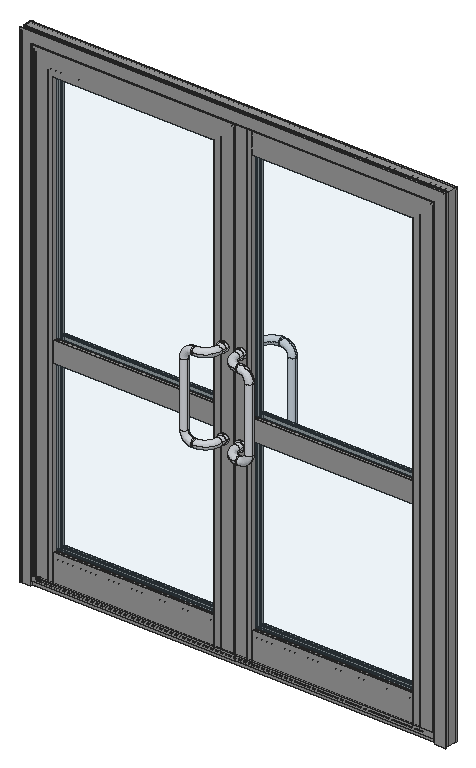
Revit family "Дверь внутреннего открывания двустворчатая с цоколем", category Двери, Revit 2019
Family settings
  Основа = Стена
  Номер OmniClass = 23.30.20.17.11
  Заголовок OmniClass = Fixed Windows
  Всегда вертикально = Да
  При загрузке вырезать с полостями = Нет
  Общий = Нет
  Точка расчета площади = Нет
Parameters (values of type "V60 Дверь двустворчатая")
  Width [instance] = 0.00 mm  # constant formula
  Монтажный зазор.Верх [instance] = 25.00 mm
  VIDNAL_Ширина створки прав. [instance] = 858.50 mm
  VIDNAL_Ширина створки лев. [instance] = ADSK_Ширина рамы - VIDNAL_Ширина створки прав. - 83.00 mm  # 858.50 mm
  VIDNAL_Ширина проема [instance] = ADSK_Ширина рамы + Монтажный зазор.Правый + Монтажный зазор.Левый  # 1850.00 mm
  VIDNAL_Цвет конструкции = ""
  VIDNAL_Фурнитура [instance] = "САТУРН"
  VIDNAL_Формула стеклопакета [instance] = ""
  VIDNAL_Толщина стеклопакета [instance] = "32"
  VIDNAL_Сопротивление ветровой нагрузке = "1000 Па"
  VIDNAL_Система профилей [instance] = "V60"  # constant formula
  VIDNAL_Площадь изделия [instance] = ADSK_Ширина рамы * ADSK_Высота рамы  # 3.78 m²
  VIDNAL_Звукоизоляция [instance] = "34 дБА"
  VIDNAL_Глубина вставки [instance] = 150.00 mm
  VIDNAL_Высота ручки = 1000.00 mm
  VIDNAL_Высота проема [instance] = ADSK_Высота рамы + Монтажный зазор.Верх  # 2125.00 mm
  Глубина профиля [instance] = 60.00 mm  # constant formula
  Rough Width = 0.00 mm  # constant formula
  Rough Height = 0.00 mm  # constant formula
  Описание = "Окно"
  Обозначение = "ГОСТ 23747-2015"
  Наименование = ""
  Монтажный зазор.Правый [instance] = 25.00 mm
  Монтажный зазор.Левый [instance] = 25.00 mm
  Марка проема [instance] = ""
  Model = ""
  Стекло = АС_Стекло
  Рама = Алюминий
  Type Comments = ""
  Assembly Code = ""
  Wall Closure = (empty or 0)
  Height [instance] = 0.00 mm  # constant formula
  Аналитическая конструкция = "<Нет>"
  VIDNAL_Возухопроницаемость [instance] = "3,09 м²·ч"
  VIDNAL_Водонепроницаемость [instance] = "600"
  VIDNAL_Rприв. профиля со стеклопакетом [instance] = "0.52 (м²·С)/Вт"
  ADSK_Ширина рамы [instance] = 1800.00 mm
  ADSK_Позиция [instance] = ""
  ADSK_Завод-изготовитель [instance] = "VIDNAL"  # constant formula
  ADSK_Высота рамы [instance] = 2100.00 mm
Reference planes
  plane 1 "Глубина профиля": y = -100
  plane 2: z = 0
  plane 3 "Слева": x = -922.6
  plane 4 "Справа": x = 927.4
  plane 5 "низ створки": z = 40
  plane 6 "ВЕРХ": z = 2125
  plane 7 "Внутренняя": y = -190
  plane 8 "Вставка двери": y = -40
  plane 9 "рама лев": x = -897.6
  plane 10 "рама прав": x = 902.4
  plane 11 "рама верх": z = 2100
  plane 12: y = 190
  plane 13 "верх створки": z = 2050
  plane 14 "низ порога": z = 4.5
  plane 15 "створка лев": x = -847.6
  plane 16 "створка прав": x = 852.4
  plane 17 "створка прав2": x = -6.1
  plane 18 "створка лев2": x = 10.9
Forms (mm)
  Extrusion 1, void, detail levels medium+fine
    sketch origin (0, 38, 0) x (0, 0, 1) y (-1, 0, 0)
      loop
        line (2125, -927.4) -> (2125, 922.6) -> (0, 922.6) -> (0, -927.4) -> (2125, -927.4)
    from -152 to 228
  Sweep 2, solid, material "Алюминий" <- "Рама"
    path origin (0, -40, 0) x (0, 0, -1) y (-1, 0, 0)
      loop
        line (0, 897.6) -> (-2100, 897.6) -> (-2100, -902.4) -> (0, -902.4)
    profile "Профиль дверной рамы внутр : Профиль дверной рамы внутр" origin (-897.6, -40, 1050) x (1, 0, 0) y (0, 1, 0)
      loop
        line (2, -29.75) -> (2, -38.25) -> (6.75, -38.25) -> (6.75, -50) -> (8.75, -50) -> (8.75, -51.75) -> (6.75, -51.75) -> (6.75, -58.25) -> (43.25, -58.25) -> (43.25, -51.75) -> (41.25, -51.75) -> (41.25, -50) -> (49.75, -50) -> (49.75, -29.75) -> (2, -29.75)
      loop
        line (1.874, -10) -> (1.874, -28) -> (50.126, -28) -> (50.126, -10) -> (1.874, -10)
      loop
        line (6.75, -8.25) -> (43.25, -8.25) -> (43.25, -6.55) -> (45, -6.55) -> (45, -8.25) -> (50.25, -8.25) -> (50.25, -1.75) -> (45, -1.75) -> (45, -3.45) -> (43.25, -3.45) -> (43.25, -1.75) -> (6.75, -1.75) -> (6.75, -8.25)
      loop
        line (67, 0) -> (0, 0) -> (0, -2.5) -> (1.5, -2.5) -> (1.5, -1.5) -> (5, -1.5) -> (5, -8.5) -> (1.5, -8.5) -> (1.5, -7.5) -> (0, -7.5) -> (0, -41.495) -> (2, -41.495) -> (2, -40) -> (5, -40) -> (5, -58.25) -> (2, -58.25) -> (2, -56.495) -> (0, -56.495) -> (0, -60) -> (45, -60) -> (45, -51.75) -> (55, -51.75) -> (55, -50) -> (52, -50) -> (52, -1.75) -> (60, -1.75) -> (60, -4.2) -> (62, -4.2) -> (62, -3.2) -> (61, -3.2) -> (61, -1.2) -> (66, -1.2) -> (66, -3.2) -> (65, -3.2) -> (65, -4.2) -> (67, -4.2) -> (67, 0)
  Sweep 3, solid, material "Алюминий"
    path origin (0, -40, 0) x (0, 0, -1) y (-1, 0, 0)
      loop
        line (-4.5, 845.6) -> (-4.5, -850.4)
    profile "Профиль порога : Профиль порога" origin (2.4, -40, 4.5) x (0, 0, -1) y (0, 1, 0)
      loop
        line (-19.126, -22.61) -> (-16.126, -24.79) -> (-16.126, -26.25) -> (-14.177, -26.25) -> (-13.323, -26.73) -> (-12.385, -28.27) -> (-11.531, -28.75) -> (-9.469, -28.75) -> (-8.615, -28.27) -> (-7.677, -26.73) -> (-6.823, -26.25) -> (-4.874, -26.25) -> (-4.874, -24.79) -> (-1.874, -22.61) -> (-1.874, -16.89) -> (-4.874, -14.71) -> (-4.874, -13.25) -> (-6.823, -13.25) -> (-7.677, -12.77) -> (-8.615, -11.23) -> (-9.469, -10.75) -> (-11.531, -10.75) -> (-12.385, -11.23) -> (-13.323, -12.77) -> (-14.177, -13.25) -> (-16.126, -13.25) -> (-16.126, -14.71) -> (-19.126, -16.89) -> (-19.126, -22.61)
      loop
        line (-19.25, -42.057) -> (-19.25, -52.75) -> (-1.75, -52.75) -> (-1.75, -42.057)
        arc (-1.75, -42.057) -> (-4.892, -42.649) -> (-7.464, -40.75) r 4
        line (-7.464, -40.75) -> (-5.862, -39.825)
        arc (-5.862, -39.825) -> (-1.85, -38.75) -> (-5.862, -37.675) r 2.15
        line (-5.862, -37.675) -> (-7.464, -36.75) -> (-7.464, -35.25) -> (-5.862, -34.325)
        arc (-5.862, -34.325) -> (-1.85, -33.25) -> (-5.862, -32.175) r 2.15
        line (-5.862, -32.175) -> (-7.537, -30.5) -> (-13.463, -30.5) -> (-15.138, -32.175)
        arc (-15.138, -32.175) -> (-19.15, -33.25) -> (-15.138, -34.325) r 2.15
        line (-15.138, -34.325) -> (-13.536, -35.25) -> (-13.536, -36.75) -> (-15.138, -37.675)
        arc (-15.138, -37.675) -> (-19.15, -38.75) -> (-15.138, -39.825) r 2.15
        line (-15.138, -39.825) -> (-13.536, -40.75)
        arc (-13.536, -40.75) -> (-16.108, -42.649) -> (-19.25, -42.057) r 4
      loop
        line (-21, -54.5) -> (0, -54.5) -> (0, -9) -> (-21, -9) -> (-21, -54.5)
  Sweep 4, solid, material "Алюминий"
    path origin (0, -40, 0) x (0, 0, -1) y (-1, 0, 0)
      loop
        line (-40, 6.1) -> (-40, -830.4)
    profile "Профили притвора V60 186 : Профили притвора V60 186" origin (412.15, -40, 40) x (0, 0, -1) y (0, 1, 0)
      loop
        line (0, 0) -> (0, -2.7) -> (-1.5, -2.7) -> (-1.5, -7.2) -> (0, -7.2) -> (0, -14.2) -> (8.5, -14.2) -> (8.5, -12.5) -> (7.2, -13) -> (1.75, -13) -> (1.75, -9.7) -> (7.2, -9.7) -> (8.5, -10.2) -> (8.5, -8.5) -> (1.75, -8.5) -> (1.75, -1.5) -> (8.5, -1.5) -> (8.5, 0) -> (0, 0)
  Sweep 5, solid, material "Алюминий"
    path origin (0, -40, 0) x (0, 0, -1) y (-1, 0, 0)
      loop
        line (-40, 825.6) -> (-40, 11.1)
    profile "Профили притвора V60 186 : Профили притвора V60 186" origin (-418.35, -40, 40) x (0, 0, -1) y (0, 1, 0)
      loop
        line (0, 0) -> (0, -2.7) -> (-1.5, -2.7) -> (-1.5, -7.2) -> (0, -7.2) -> (0, -14.2) -> (8.5, -14.2) -> (8.5, -12.5) -> (7.2, -13) -> (1.75, -13) -> (1.75, -9.7) -> (7.2, -9.7) -> (8.5, -10.2) -> (8.5, -8.5) -> (1.75, -8.5) -> (1.75, -1.5) -> (8.5, -1.5) -> (8.5, 0) -> (0, 0)
  Sweep 6, solid, material "Алюминий"
    path origin (0, -40, 0) x (0, 0, -1) y (-1, 0, 0)
      loop
        line (-40, 847.6) -> (-40, -10.9)
    profile "Профили притвора V60 286 : Профили притвора V60 286" origin (-418.35, -40, 40) x (0, 0, -1) y (0, 1, 0)
      loop
        line (1.75, -30.5) -> (-5, -30.5) -> (-5, -32) -> (0, -32) -> (0, -54.5) -> (-2, -54.5) -> (-2, -56) -> (0, -56) -> (0, -60) -> (20, -60) -> (20, -55) -> (17.7, -55) -> (17.7, -56) -> (18.7, -56) -> (18.7, -58.25) -> (13.7, -58.25) -> (13.7, -56) -> (14.7, -56) -> (14.7, -55) -> (12.5, -55) -> (12.5, -58.25) -> (1.75, -58.25) -> (1.75, -30.5)
  Sweep 7, solid, material "Алюминий"
    path origin (0, -40, 0) x (0, 0, -1) y (-1, 0, 0)
      loop
        line (-40, -15.9) -> (-40, -852.4)
    profile "Профили притвора V60 286 : Профили притвора V60 286" origin (434.15, -40, 40) x (0, 0, -1) y (0, 1, 0)
      loop
        line (1.75, -30.5) -> (-5, -30.5) -> (-5, -32) -> (0, -32) -> (0, -54.5) -> (-2, -54.5) -> (-2, -56) -> (0, -56) -> (0, -60) -> (20, -60) -> (20, -55) -> (17.7, -55) -> (17.7, -56) -> (18.7, -56) -> (18.7, -58.25) -> (13.7, -58.25) -> (13.7, -56) -> (14.7, -56) -> (14.7, -55) -> (12.5, -55) -> (12.5, -58.25) -> (1.75, -58.25) -> (1.75, -30.5)
Lines and regions (mm)
  symbolic lines, detail levels fine
    curve 1: line (-163.1, -40, 40) -> (-163.1, -100, 40)
    curve 4: line (-163.1, -40, 2125) -> (-163.1, -100, 2125)
    curve 6: line (-163.1, -100, 2100) -> (-163.1, -40, 2100)
  symbolic lines
    curve 2: line (-163.1, -40, 80) -> (-163.1, -40, 40)
    curve 3: line (-163.1, -100, 40) -> (-163.1, -100, 80)
    curve 5: line (-163.1, -40, 2100) -> (-163.1, -40, 2125)
    curve 7: line (-163.1, -100, 2125) -> (-163.1, -100, 2100)
  symbolic lines, detail levels coarse
    curve 8: line (927.4, -40, 2125) -> (927.4, -40, 40)
    curve 9: line (927.4, -100, 2125) -> (927.4, -100, 40)
Text (mm)
  text "Наружный" at (-2011.448, 646.123, 0), in view "Линия этажа"
  text "Внутренний" at (-2011.448, -562.523, 0), in view "Линия этажа"
  text "Наружный" at (0, 1108.87, 3415.022), in view "Слева"
  text "Наружный" at (0, 464.664, 3176.206), in view "Справа"
Dimensions and locks
  plane 3 "Слева" to plane 4 "Справа" = 1850.00 mm
  "Монтажный зазор.Правый": plane 10 "рама прав" to plane 4 "Справа"
  plane 2 to plane 5 "низ створки" = 40.00 mm
  "ADSK_Ширина рамы": plane 9 "рама лев" to plane 10 "рама прав"
  "Монтажный зазор.Левый": plane 3 "Слева" to plane 9 "рама лев"
  "Монтажный зазор.Верх": plane 11 "рама верх" to plane 6 "ВЕРХ"
  "VIDNAL_Глубина вставки": plane 8 "Вставка двери" to plane 7 "Внутренняя"
  "Глубина профиля": plane 8 "Вставка двери" to plane 1 "Глубина профиля"
  plane 9 "рама лев" to plane 15 "створка лев" = 50.00 mm
  plane 16 "створка прав" to plane 10 "рама прав" = 50.00 mm
  plane 11 "рама верх" to plane 13 "верх створки" = 50.00 mm
  plane 14 "низ порога" to plane 2 = 4.50 mm
  locked: plane 8 "Вставка двери" to Sweep 3 at 9
  plane 5 "низ створки" to plane 2 = 40.00 mm
  "ADSK_Высота рамы": plane 11 "рама верх" to plane 2
  "VIDNAL_Ширина створки прав.": plane 17 "створка прав2" to plane 16 "створка прав"
  Sweep 5 sketch curve to nested 2 = 40.00 mm
  locked: plane 17 "створка прав2" to plane 18 "створка лев2" at 17
  plane 15 "створка лев" to plane 18 "створка лев2" = 858.50 mm
  aligned and locked: plane 7 "Внутренняя" to host wall
  aligned and locked: plane 8 "Вставка двери" to curve 5
  aligned and locked: level to plane 2
  aligned and locked: host wall to Extrusion 1  (x2)
  aligned and locked: plane 4 "Справа" to Extrusion 1 sketch curve
  aligned and locked: plane 15 "створка лев" to nested 2
  aligned and locked: plane 16 "створка прав" to nested 1
  aligned and locked: plane 17 "створка прав2" to nested 1
  aligned and locked: nested 2 to plane 18 "створка лев2"
  aligned and locked: nested 2 to plane 13 "верх створки"
  aligned and locked: nested 1 to plane 13 "верх створки"
  aligned and locked: nested 2 to plane 5 "низ створки"
  aligned and locked: nested 1 to plane 5 "низ створки"
  aligned and locked: nested 2 to plane 8 "Вставка двери"
  aligned and locked: nested 1 to plane 8 "Вставка двери"
Automatic sketch dimensions
  Extrusion 1 sketch curve to level = 0.00 mm
  plane 3 "Слева" to Extrusion 1 sketch curve = 0.00 mm
  Extrusion 1 sketch curve to plane 6 "ВЕРХ" = 0.00 mm
  curve 5 to plane 8 "Вставка двери" = 0.00 mm
  plane 5 "низ створки" to curve 8 = 0.00 mm
  curve 8 to plane 8 "Вставка двери" = 0.00 mm
  curve 9 to plane 1 "Глубина профиля" = 0.00 mm
  plane 5 "низ створки" to curve 9 = 0.00 mm
  plane 6 "ВЕРХ" to curve 9 = 0.00 mm
  plane 6 "ВЕРХ" to curve 8 = 0.00 mm
  plane 5 "низ створки" to curve 1 = 0.00 mm
  curve 1 to plane 1 "Глубина профиля" = 0.00 mm
  curve 7 to plane 1 "Глубина профиля" = 0.00 mm
  curve 2 to plane 8 "Вставка двери" = 0.00 mm
  curve 7 to plane 11 "рама верх" = 0.00 mm
  plane 6 "ВЕРХ" to curve 4 = 0.00 mm
  Sweep 2 sketch curve to plane 9 "рама лев" = 0.00 mm
  plane 10 "рама прав" to Sweep 2 sketch curve = 0.00 mm
  Sweep 2 sketch curve to plane 11 "рама верх" = 0.00 mm
  Sweep 2 sketch curve to level = 0.00 mm  (x2)
  Sweep 3 sketch curve to plane 14 "низ порога" = 0.00 mm
  plane 16 "створка прав" to Sweep 3 sketch curve = 2.00 mm
  plane 15 "створка лев" to Sweep 3 sketch curve = 2.00 mm
  curve 1 to curve 3 = 40.00 mm
  curve 1 to curve 2 = 40.00 mm
  Sweep 4 sketch curve to plane 5 "низ створки" = 0.00 mm
  Sweep 4 sketch curve to plane 17 "створка прав2" = 0.00 mm
  plane 16 "створка прав" to Sweep 4 sketch curve = 22.00 mm
  Sweep 5 sketch curve to plane 5 "низ створки" = 0.00 mm
  plane 15 "створка лев" to Sweep 5 sketch curve = 22.00 mm
  Sweep 6 sketch curve to plane 5 "низ створки" = 0.00 mm
  Sweep 6 sketch curve to plane 18 "створка лев2" = 0.00 mm
  Sweep 6 sketch curve to plane 15 "створка лев" = 0.00 mm
  Sweep 7 sketch curve to plane 5 "низ створки" = 0.00 mm
  plane 16 "створка прав" to Sweep 7 sketch curve = 0.00 mm
  plane 18 "створка лев2" to Sweep 7 sketch curve = 5.00 mm
Nested families
  nested 1: "Створка дверная внутр ведомая с цоколем" at (-6.1, -40, 40), type "Поворотная право"
    with Створка.Ширина 858.50 mm, Створка.Высота 2010.00 mm, Высота импоста 880.00 mm, VIDNAL_Высота ручки 980.00 mm
  nested 2: "Створка дверная внутр с цоколем" at (-847.6, -40, 40), type "Поворотная лево"
    with Створка.Ширина 858.50 mm, Створка.Высота 2010.00 mm, Высота импоста 880.00 mm, VIDNAL_Высота ручки 980.00 mm
Definition of nested family "Створка дверная внутр ведомая с цоколем"
  Parameters (values of type "Поворотная лево")
    отк лев = yes
    от пр = no
    Стекло = none
    Створка.Ширина [instance] = 800.00 mm
    Створка.Высота [instance] = 1800.00 mm
    Створка VIDNAL = none
    Ручка.Справа = yes
    Ручка.Слева = no
    Открытие = yes
    Габариты заполнения = 73.00 mm
    Высота импоста [instance] = 900.00 mm
    Analytic Construction = "<Нет>"
    VIDNAL_Высота ручки [instance] = 1000.00 mm
  Types (2, lengths in mm): name | отк лев | от пр | Створка.Ширина | Створка.Высота | Ручка.Справа | Ручка.Слева | Габариты заполнения | Высота импоста | VIDNAL_Высота ручки
    Поворотная право | no | yes | 600.00 | 900.00 | no | yes | 54.00 | 450.00 | 900.00
    Поворотная лево | yes | no | 800.00 | 1800.00 | yes | no | 73.00 | 900.00 | 1000.00
  Reference planes
    plane 1 "Center (Front/Back)": y = 0
    plane 2 "Bottom": z = 0
    plane 3 "Left": x = 0
    plane 4 "Right": x = 800
    plane 5 "Top": z = 1800
    plane 6: z = 900
    plane 7: x = 73
    plane 8: x = 727
    plane 9: y = -8
    plane 10: y = -40
    plane 11: z = 1727
    plane 12: z = 104
    plane 13 "ручка прав": x = 754
    plane 14 "ручка лев": x = 46
    plane 15: z = 1000
    plane 16: x = 89
    plane 17: x = 711
  Forms (mm)
    Extrusion 1, solid, material <- "Стекло"
      sketch origin (0, 0, -100) x (1, 0, 0) y (0, 0, 1)
        loop
          line (73, 204) -> (727, 204) -> (727, 1827) -> (73, 1827) -> (73, 204)
      from 40 to 8
    Sweep 2, solid, material <- "Створка VIDNAL"
      path origin (0, 0, 0) x (1, 0, 0) y (0, 0, 1)
        loop
          line (89, 1800) -> (800, 1800) -> (800, 0)
      profile "Профиль дверной створки внутр : Профиль дверной створки внутр" origin (444.5, 0, 1800) x (0, 0, 1) y (0, -1, 0)
        loop
          line (-87.61, 48.594) -> (-82.008, 48.594) -> (-72.003, 42.791) -> (-62, 42.791) -> (-62, 54.797) -> (-68.701, 54.797) -> (-68.701, 58.599) -> (-87.61, 58.599) -> (-87.61, 48.594)
        loop
          line (-65, 29.75) -> (-17.25, 29.75) -> (-17.25, 50) -> (-18.75, 50) -> (-18.75, 51.75) -> (-16.75, 51.75) -> (-16.75, 58.25) -> (-60.25, 58.25) -> (-60.25, 51.75) -> (-58.25, 51.75) -> (-58.25, 50) -> (-60.25, 50) -> (-60.25, 38.25) -> (-65, 38.25) -> (-65, 29.75)
        loop
          line (-16.874, 10) -> (-16.874, 28) -> (-65.126, 28) -> (-65.126, 10) -> (-16.874, 10)
        loop
          line (-60.25, 1.75) -> (-23.75, 1.75) -> (-23.75, 8.25) -> (-60.25, 8.25) -> (-60.25, 1.75)
        loop
          line (-22, 0) -> (-22, 8.25) -> (-12, 8.25) -> (-12, 10) -> (-15, 10) -> (-15, 58.25) -> (-7, 58.25) -> (-7, 55.8) -> (-5, 55.8) -> (-5, 56.8) -> (-6, 56.8) -> (-6, 58.8) -> (-1, 58.8) -> (-1, 56.8) -> (-2, 56.8) -> (-2, 55.8) -> (0, 55.8) -> (0, 60) -> (-89.011, 60) -> (-89.011, 44.192) -> (-87.01, 44.192) -> (-87.01, 45.192) -> (-88.011, 45.192) -> (-88.011, 47.193) -> (-83.008, 47.193) -> (-83.008, 45.192) -> (-84.009, 45.192) -> (-84.009, 44.192) -> (-82.008, 44.192) -> (-82.008, 47.206) -> (-72.326, 41.591) -> (-67, 41.591) -> (-67, 8.25) -> (-62, 8.25) -> (-62, 1.5) -> (-82, 1.5) -> (-82, 3.2) -> (-80.5, 3.2) -> (-80.5, 4.2) -> (-84, 4.2) -> (-84, 3.2) -> (-83, 3.2) -> (-83, 1.2) -> (-88, 1.2) -> (-88, 3.2) -> (-87, 3.2) -> (-87, 4.2) -> (-89, 4.2) -> (-89, 0) -> (-22, 0)
    Sweep 3, solid, material <- "Створка VIDNAL"
      path origin (0, 0, 0) x (1, 0, 0) y (0, 0, 1)
        loop
          line (90, 900) -> (710, 900)
      profile "Профиль дверного импоста : Профиль дверного импоста" origin (400, 0, 900) x (0, 0, 1) y (0, -1, 0)
        loop
          line (15.25, 8) -> (-15.25, 8) -> (-15.25, 1.5) -> (15.25, 1.5) -> (15.25, 8)
        loop
          line (20.076, 28) -> (-20.076, 28) -> (-20.076, 10) -> (20.076, 10) -> (20.076, 28)
        loop
          line (15.4, 38.4) -> (15.4, 58.1) -> (-15.4, 58.1) -> (-15.4, 38.4) -> (-20.5, 38.4) -> (-20.5, 29.7) -> (20.5, 29.7) -> (20.5, 38.4) -> (15.4, 38.4)
        loop
          line (-23.69, 58.599) -> (-42.599, 58.599) -> (-42.599, 48.594) -> (-36.996, 48.594) -> (-26.991, 42.791) -> (-16.989, 42.791) -> (-16.989, 54.797) -> (-23.69, 54.797) -> (-23.69, 58.599)
        loop
          line (42.599, 58.599) -> (23.69, 58.599) -> (23.69, 54.797) -> (16.989, 54.797) -> (16.989, 42.791) -> (26.991, 42.791) -> (36.996, 48.594) -> (42.599, 48.594) -> (42.599, 58.599)
        loop
          line (44, 0) -> (44, 4.2) -> (42, 4.2) -> (42, 3.2) -> (43, 3.2) -> (43, 1.2) -> (38, 1.2) -> (38, 3.2) -> (39, 3.2) -> (39, 4.2) -> (35.5, 4.2) -> (35.5, 3.2) -> (37, 3.2) -> (37, 1.5) -> (17, 1.5) -> (17, 8.3) -> (22, 8.3) -> (22, 41.591) -> (27.314, 41.591) -> (36.996, 47.206) -> (36.996, 44.192) -> (38.997, 44.192) -> (38.997, 45.192) -> (37.997, 45.192) -> (37.997, 47.193) -> (42.999, 47.193) -> (42.999, 45.192) -> (41.999, 45.192) -> (41.999, 44.192) -> (44, 44.192) -> (44, 60) -> (-44, 60) -> (-44, 44.192) -> (-41.999, 44.192) -> (-41.999, 45.192) -> (-42.999, 45.192) -> (-42.999, 47.193) -> (-37.997, 47.193) -> (-37.997, 45.192) -> (-38.997, 45.192) -> (-38.997, 44.192) -> (-36.996, 44.192) -> (-36.996, 47.206) -> (-27.314, 41.591) -> (-22, 41.591) -> (-22, 8.3) -> (-17, 8.3) -> (-17, 1.5) -> (-37, 1.5) -> (-37, 3.2) -> (-35.5, 3.2) -> (-35.5, 4.2) -> (-39, 4.2) -> (-39, 3.2) -> (-38, 3.2) -> (-38, 1.2) -> (-43, 1.2) -> (-43, 3.2) -> (-42, 3.2) -> (-42, 4.2) -> (-44, 4.2) -> (-44, 0) -> (44, 0)
    Sweep 4, solid, material <- "Створка VIDNAL"
      path origin (0, 0, 0) x (1, 0, 0) y (0, 0, 1)
        loop
          line (89.011, 0) -> (711, 0)
      profile "Профиль цоколя + проставки : Профиль цоколя + проставки" origin (400.006, 0, 0) x (0, 0, 1) y (0, -1, 0)
        loop
          line (87.676, 10) -> (96.126, 16.14) -> (96.126, 21.86) -> (87.676, 28) -> (15.324, 28) -> (6.874, 21.86) -> (6.874, 16.14) -> (15.324, 10) -> (87.676, 10)
        loop
          line (91.25, 1.75) -> (91.25, 8.25) -> (50, 8.25) -> (50, 1.75) -> (91.25, 1.75)
        loop
          line (6.75, 1.75) -> (48, 1.75) -> (48, 8.25) -> (6.75, 8.25) -> (6.75, 1.75)
        loop
          line (96, 29.75) -> (96, 38.25) -> (91.25, 38.25) -> (91.25, 58.25) -> (6.75, 58.25) -> (6.75, 29.75) -> (96, 29.75)
        loop
          line (118.599, 58.599) -> (99.69, 58.599) -> (99.69, 54.797) -> (92.989, 54.797) -> (92.989, 42.791) -> (102.991, 42.791) -> (112.996, 48.594) -> (118.599, 48.594) -> (118.599, 58.599)
        loop
          line (119, 3.2) -> (119, 1.2) -> (114, 1.2) -> (114, 3.2) -> (115, 3.2) -> (115, 4.2) -> (111.5, 4.2) -> (111.5, 3.2) -> (113, 3.2) -> (113, 1.5) -> (93, 1.5) -> (93, 8.25) -> (98, 8.25) -> (98, 41.591) -> (103.314, 41.591) -> (112.996, 47.206) -> (112.996, 44.192) -> (114.997, 44.192) -> (114.997, 45.192) -> (113.997, 45.192) -> (113.997, 47.193) -> (118.999, 47.193) -> (118.999, 45.192) -> (117.999, 45.192) -> (117.999, 44.192) -> (120, 44.192) -> (120, 60) -> (0, 60) -> (0, 54.5) -> (2, 54.5) -> (2, 58.25) -> (5, 58.25) -> (5, 40) -> (2, 40) -> (2, 41.495) -> (0, 41.495) -> (0, 38.25) -> (5, 38.25) -> (5, 32) -> (0, 32) -> (0, 30.5) -> (5, 30.5) -> (5, 10) -> (1.5, 10) -> (1.5, 11.2) -> (0, 11.2) -> (0, 8.5) -> (5, 8.5) -> (5, 1.5) -> (0, 1.5) -> (0, 0) -> (120, 0) -> (120, 4.2) -> (118, 4.2) -> (118, 3.2) -> (119, 3.2)
    Sweep 5, solid, material <- "Створка VIDNAL"
      path origin (0, 0, 0) x (1, 0, 0) y (0, 0, 1)
        loop
          line (0, 0) -> (0, 1800)
      profile "Профиль дверной створки наруж : Профиль дверной створки наруж" origin (0, 0, 900) x (-1, 0, 0) y (0, -1, 0)
        loop
          line (-62, 43.002) -> (-62, 54.797) -> (-68.701, 54.797) -> (-68.701, 58.599) -> (-87.61, 58.599) -> (-87.61, 48.594) -> (-82, 48.594) -> (-71.911, 43.002) -> (-62, 43.002)
        loop
          line (-16.874, 29.7) -> (-16.874, 50.15) -> (-25.15, 50.15) -> (-25.15, 51.75) -> (-23.5, 51.75) -> (-23.5, 58.5) -> (-60.5, 58.5) -> (-60.5, 51.75) -> (-58.85, 51.75) -> (-58.85, 50.15) -> (-60.25, 50.15) -> (-60.25, 38.4) -> (-65.5, 38.4) -> (-65.5, 29.7) -> (-16.874, 29.7)
        loop
          line (-16.874, 10) -> (-16.874, 28) -> (-65.126, 28) -> (-65.126, 10) -> (-16.874, 10)
        loop
          line (-23.75, 1.5) -> (-23.75, 8.3) -> (-60.25, 8.3) -> (-60.25, 1.5) -> (-23.75, 1.5)
        loop
          line (-2, 4.2) -> (-2, 3.2) -> (-1, 3.2) -> (-1, 1.2) -> (-6, 1.2) -> (-6, 3.2) -> (-5, 3.2) -> (-5, 4.2) -> (-7, 4.2) -> (-7, 1.5) -> (-22, 1.5) -> (-22, 8.3) -> (-15, 8.3) -> (-15, 50) -> (-12, 50) -> (-12, 51.75) -> (-22, 51.75) -> (-22, 60) -> (-89, 60) -> (-89, 44.192) -> (-87, 44.192) -> (-87, 45.192) -> (-88, 45.192) -> (-88, 47.193) -> (-83, 47.193) -> (-83, 45.192) -> (-84, 45.192) -> (-84, 44.192) -> (-82, 44.192) -> (-82, 47.202) -> (-72.326, 41.591) -> (-67, 41.591) -> (-67, 8.3) -> (-62, 8.3) -> (-62, 1.5) -> (-82, 1.5) -> (-82, 3.2) -> (-80.5, 3.2) -> (-80.5, 4.2) -> (-84, 4.2) -> (-84, 3.2) -> (-83, 3.2) -> (-83, 1.2) -> (-88, 1.2) -> (-88, 3.2) -> (-87, 3.2) -> (-87, 4.2) -> (-89, 4.2) -> (-89, 0) -> (0, 0) -> (0, 4.2) -> (-2, 4.2)
  Cuts and joins
    joined: Sweep 2, Sweep 5
  Lines and regions (mm)
    symbolic lines, not visible
      curve 1: line (400, 0, 950) -> (400, 0, 850)
      curve 2: line (350, 0, 900) -> (450, 0, 900)
    symbolic lines, visible <- "от пр"
      curve 3: line (710, -75, 1710) -> (90, -75, 900)
      curve 4: line (90, -75, 900) -> (710, -75, 121)
    symbolic lines, visible <- "отк лев"
      curve 5: line (90, -75, 121) -> (710, -75, 900)
      curve 6: line (710, -75, 900) -> (90, -75, 1710)
  Dimensions and locks
    "Створка.Ширина": plane 4 "Right" to plane 3 "Left"
    "Створка.Высота": plane 5 "Top" to plane 2 "Bottom"
    equal spacing: plane 3 "Left", curve 1, plane 4 "Right"
    equal spacing: plane 5 "Top", curve 2, plane 2 "Bottom"
    plane 4 "Right" to plane 3 "Left" = 800.00 mm
    locked: plane 9 to plane 1 "Center (Front/Back)" at 8
    "Габариты заполнения": plane 3 "Left" to plane 7
    "Габариты заполнения": plane 8 to plane 4 "Right"
    "Габариты заполнения": plane 5 "Top" to plane 11
    plane 14 "ручка лев" to plane 3 "Left" = 46.00 mm
    plane 13 "ручка прав" to plane 4 "Right" = 46.00 mm
    "Высота импоста": plane 6 to plane 2 "Bottom"
    locked: plane 3 "Left" to plane 14 "ручка лев" at 46
    "VIDNAL_Высота ручки": plane 15 to plane 2 "Bottom"
    plane 3 "Left" to plane 16 = 89.00 mm
    plane 17 to plane 4 "Right" = 89.00 mm
    locked: plane 13 "ручка прав" to plane 4 "Right" at 46
    aligned and locked: level to plane 2 "Bottom"
    aligned and locked: plane 6 to curve 4
    aligned and locked: plane 6 to curve 6
    aligned and locked: Extrusion 1 to plane 7
    aligned and locked: Extrusion 1 to plane 9
    aligned and locked: Extrusion 1 to plane 10
    aligned and locked: plane 8 to Extrusion 1
    aligned and locked: Extrusion 1 to plane 12
    aligned and locked: plane 11 to Extrusion 1
    aligned and locked: nested 1 to plane 14 "ручка лев"
    aligned and locked: nested 1 to plane 15
    aligned and locked: plane 15 to nested 2
    aligned and locked: plane 13 "ручка прав" to nested 2
    aligned and locked: plane 14 "ручка лев" to nested 3
    aligned and locked: nested 4 to plane 13 "ручка прав"
    aligned and locked: plane 15 to nested 3
    aligned and locked: nested 4 to plane 15
  Automatic sketch dimensions
    plane 7 to Extrusion 1 sketch curve = 0.00 mm
    Extrusion 1 sketch curve to plane 8 = 0.00 mm
    Extrusion 1 sketch curve to plane 12 = 0.00 mm
    Extrusion 1 sketch curve to plane 11 = 0.00 mm
    plane 7 to curve 6 = 17.00 mm
    plane 7 to curve 5 = 17.00 mm
    plane 7 to curve 4 = 17.00 mm
    curve 5 to plane 8 = 17.00 mm
    curve 3 to plane 8 = 17.00 mm
    plane 12 to curve 5 = 17.00 mm
    plane 12 to curve 4 = 17.00 mm
    curve 3 to plane 11 = 17.00 mm
    curve 4 to plane 8 = 17.00 mm
    curve 6 to plane 11 = 17.00 mm
    curve 1 to plane 6 = 50.00 mm
    plane 6 to curve 1 = 50.00 mm
    curve 2 to plane 6 = 0.00 mm
    curve 2 to curve 1 = 50.00 mm
    curve 1 to curve 2 = 50.00 mm
    Sweep 3 sketch curve to plane 6 = 0.00 mm
    plane 16 to Sweep 3 sketch curve = 1.00 mm
    Sweep 3 sketch curve to plane 17 = 1.00 mm
    Sweep 4 sketch curve to level = 0.00 mm
    Sweep 4 sketch curve to plane 17 = 0.00 mm
    plane 16 to Sweep 4 sketch curve = 0.011 mm
    Sweep 5 sketch curve to plane 3 "Left" = 0.00 mm
    Sweep 5 sketch curve to level = 0.00 mm
    Sweep 5 sketch curve to plane 5 "Top" = 0.00 mm
    Sweep 2 sketch curve to plane 5 "Top" = 0.00 mm
    Sweep 2 sketch curve to plane 16 = 0.00 mm
    plane 4 "Right" to Sweep 2 sketch curve = 0.00 mm
    Sweep 2 sketch curve to level = 0.00 mm
  Nested families
    nested 1: "Ручка дверная прямоугольная" at (46, -70, 889.834), visible <- "Ручка.Слева", type "Ручка дверная прямоугольная"
      with Ручка высота установки 110.166 mm
    nested 2: "Ручка дверная прямоугольная" at (754, -70, 889.834) x (-1, 0, 0) z (0, 0, 1), visible <- "Ручка.Справа", type "Ручка дверная прямоугольная"
      with Ручка высота установки 110.166 mm
    nested 3: "Ручка дверная прямоугольная" at (46, 10, 889.834), visible <- "Ручка.Слева", type "Ручка дверная прямоугольная"
      with Ручка высота установки 110.166 mm
    nested 4: "Ручка дверная прямоугольная" at (754, 10, 889.834) x (-1, 0, 0) z (0, 0, 1), visible <- "Ручка.Справа", type "Ручка дверная прямоугольная"
      with Ручка высота установки 110.166 mm
  Definition of nested family "Ручка дверная прямоугольная"
    Parameters (values of type "Ручка дверная прямоугольная")
      Ручка высота установки [instance] = 110.166 mm
    Reference planes
      plane 1 "По центру (Вперед/Назад)": y = 0
      plane 2: z = 0
      plane 3 "По центру (Влево/Вправо)": x = 0
      plane 4: y = -10
      plane 5 "1": x = 55
      plane 6 "2": y = 74
      plane 7 "Высота ручки": z = 110.166
    Forms (mm)
      Extrusion 1, solid
        sketch origin (0, 0, 0) x (1, 0, 0) y (0, 0, 1)
          loop
            circle (0, 285.166) r 20
        from 0 to 10
      Extrusion 2, solid
        sketch origin (0, 0, 0) x (1, 0, 0) y (0, 0, 1)
          loop
            circle (0, -64.834) r 20
        from 0 to 10
      Sweep 3, solid
        path origin (0, 0, 0) x (1, 0, 0) y (0, 1, 0)
          loop
            line (0, 0) -> (0, 20)
            arc (0, 20) -> (15.816, 58.184) -> (54, 74) r 54
            line (54, 74) -> (55, 74)
        profile origin (0, 10, 0) x (-1, 0, 0) y (0, 0, 1)
          loop
            circle (0, 285.166) r 15
          loop
            circle (0, -64.834) r 15
      Sweep 4, solid
        path origin (0, 74, 0) x (-1, 0, 0) y (0, 0, 1)
          loop
            line (-55, 285.166) -> (-60, 285.166)
            arc (-60, 285.166) -> (-88.284, 273.45) -> (-100, 245.166) r 40
            line (-100, 245.166) -> (-100, -24.834)
            arc (-100, -24.834) -> (-88.284, -53.118) -> (-60, -64.834) r 40
            line (-60, -64.834) -> (-55, -64.834)
        profile origin (57.5, 74, 285.166) x (0, 0, -1) y (0, 1, 0)
          loop
            circle (0, 0) r 15
    Dimensions and locks
      plane 1 "По центру (Вперед/Назад)" to plane 4 = 10.00 mm
      locked: plane 4 to plane 6 "2" at 84
      locked: plane 3 "По центру (Влево/Вправо)" to plane 5 "1" at 55
      locked: Extrusion 1 sketch curve to plane 7 "Высота ручки" at 175
      locked: plane 7 "Высота ручки" to Extrusion 2 sketch curve at 175
      locked: Sweep 3 sketch curve to plane 7 "Высота ручки" at 175
      locked: plane 7 "Высота ручки" to Sweep 3 sketch curve at 175
      "Ручка высота установки": plane 7 "Высота ручки" to level
      locked: Sweep 4 sketch curve to Sweep 4 sketch curve at 350
      locked: Sweep 4 sketch curve to Sweep 4 sketch curve at 45  (x2)
      Sweep 4 sketch curve to plane 7 "Высота ручки" = 175.00 mm
      locked: Sweep 4 sketch curve to plane 3 "По центру (Влево/Вправо)" at 100
      aligned and locked: level to plane 2
      aligned and locked: plane 4 to Extrusion 1
      aligned and locked: plane 4 to Extrusion 2
    Automatic sketch dimensions
      Extrusion 1 sketch curve to plane 3 "По центру (Влево/Вправо)" = 0.00 mm
      Extrusion 2 sketch curve to plane 3 "По центру (Влево/Вправо)" = 0.00 mm
      Sweep 3 sketch curve to plane 3 "По центру (Влево/Вправо)" = 0.00 mm
      Sweep 3 sketch curve to plane 6 "2" = 0.00 mm
      Sweep 3 sketch curve to plane 5 "1" = 0.00 mm
      plane 1 "По центру (Вперед/Назад)" to Sweep 3 sketch curve = 0.00 mm
      Sweep 3 sketch curve to plane 5 "1" = 1.00 mm
      Sweep 3 sketch curve to profile plane = 0.00 mm  (x2)
      Sweep 4 sketch curve to plane 6 "2" = 0.00 mm
      Sweep 4 sketch curve to profile plane = 0.00 mm
      plane 5 "1" to Sweep 4 sketch curve = 5.00 mm  (x2)
      radius of Extrusion 1 sketch curve = 20.00 mm
      radius of Extrusion 2 sketch curve = 20.00 mm
      radius of Sweep 3 sketch curve = 15.00 mm  (x2)
      radius of Sweep 4 sketch curve = 15.00 mm
Definition of nested family "Створка дверная внутр с цоколем"
  Parameters (values of type "Поворотная лево")
    отк лев = yes
    от пр = no
    Стекло = none
    Створка.Ширина [instance] = 800.00 mm
    Створка.Высота [instance] = 1800.00 mm
    Створка VIDNAL = none
    Ручка.Справа = yes
    Ручка.Слева = no
    Открытие = yes
    Габариты заполнения = 73.00 mm
    Высота импоста [instance] = 900.00 mm
    Analytic Construction = "<Нет>"
    VIDNAL_Высота ручки [instance] = 1000.00 mm
  Types (2, lengths in mm): name | отк лев | от пр | Створка.Ширина | Створка.Высота | Ручка.Справа | Ручка.Слева | Габариты заполнения | Высота импоста | VIDNAL_Высота ручки
    Поворотная право | no | yes | 600.00 | 900.00 | no | yes | 54.00 | 450.00 | 900.00
    Поворотная лево | yes | no | 800.00 | 1800.00 | yes | no | 73.00 | 900.00 | 1000.00
  Reference planes
    plane 1 "Center (Front/Back)": y = 0
    plane 2 "Bottom": z = 0
    plane 3 "Left": x = 0
    plane 4 "Right": x = 800
    plane 5 "Top": z = 1800
    plane 6: z = 900
    plane 7: x = 73
    plane 8: x = 727
    plane 9: y = -8
    plane 10: y = -40
    plane 11: z = 1727
    plane 12: z = 104
    plane 13 "ручка прав": x = 754
    plane 14 "ручка лев": x = 46
    plane 15: z = 1000
    plane 16: x = 89
    plane 17: x = 711
  Forms (mm)
    Extrusion 1, solid, material <- "Стекло"
      sketch origin (0, 0, -100) x (1, 0, 0) y (0, 0, 1)
        loop
          line (73, 204) -> (727, 204) -> (727, 1827) -> (73, 1827) -> (73, 204)
      from 40 to 8
    Sweep 2, solid, material <- "Створка VIDNAL"
      path origin (0, 0, 0) x (1, 0, 0) y (0, 0, 1)
        loop
          line (0, 0) -> (0, 1800) -> (800, 1800) -> (800, 0)
      profile "Профиль дверной створки внутр : Профиль дверной створки внутр" origin (400, 0, 1800) x (0, 0, 1) y (0, -1, 0)
        loop
          line (-87.61, 48.594) -> (-82.008, 48.594) -> (-72.003, 42.791) -> (-62, 42.791) -> (-62, 54.797) -> (-68.701, 54.797) -> (-68.701, 58.599) -> (-87.61, 58.599) -> (-87.61, 48.594)
        loop
          line (-65, 29.75) -> (-17.25, 29.75) -> (-17.25, 50) -> (-18.75, 50) -> (-18.75, 51.75) -> (-16.75, 51.75) -> (-16.75, 58.25) -> (-60.25, 58.25) -> (-60.25, 51.75) -> (-58.25, 51.75) -> (-58.25, 50) -> (-60.25, 50) -> (-60.25, 38.25) -> (-65, 38.25) -> (-65, 29.75)
        loop
          line (-16.874, 10) -> (-16.874, 28) -> (-65.126, 28) -> (-65.126, 10) -> (-16.874, 10)
        loop
          line (-60.25, 1.75) -> (-23.75, 1.75) -> (-23.75, 8.25) -> (-60.25, 8.25) -> (-60.25, 1.75)
        loop
          line (-22, 0) -> (-22, 8.25) -> (-12, 8.25) -> (-12, 10) -> (-15, 10) -> (-15, 58.25) -> (-7, 58.25) -> (-7, 55.8) -> (-5, 55.8) -> (-5, 56.8) -> (-6, 56.8) -> (-6, 58.8) -> (-1, 58.8) -> (-1, 56.8) -> (-2, 56.8) -> (-2, 55.8) -> (0, 55.8) -> (0, 60) -> (-89.011, 60) -> (-89.011, 44.192) -> (-87.01, 44.192) -> (-87.01, 45.192) -> (-88.011, 45.192) -> (-88.011, 47.193) -> (-83.008, 47.193) -> (-83.008, 45.192) -> (-84.009, 45.192) -> (-84.009, 44.192) -> (-82.008, 44.192) -> (-82.008, 47.206) -> (-72.326, 41.591) -> (-67, 41.591) -> (-67, 8.25) -> (-62, 8.25) -> (-62, 1.5) -> (-82, 1.5) -> (-82, 3.2) -> (-80.5, 3.2) -> (-80.5, 4.2) -> (-84, 4.2) -> (-84, 3.2) -> (-83, 3.2) -> (-83, 1.2) -> (-88, 1.2) -> (-88, 3.2) -> (-87, 3.2) -> (-87, 4.2) -> (-89, 4.2) -> (-89, 0) -> (-22, 0)
    Sweep 3, solid, material <- "Створка VIDNAL"
      path origin (0, 0, 0) x (1, 0, 0) y (0, 0, 1)
        loop
          line (90, 900) -> (710, 900)
      profile "Профиль дверного импоста : Профиль дверного импоста" origin (400, 0, 900) x (0, 0, 1) y (0, -1, 0)
        loop
          line (15.25, 8) -> (-15.25, 8) -> (-15.25, 1.5) -> (15.25, 1.5) -> (15.25, 8)
        loop
          line (20.076, 28) -> (-20.076, 28) -> (-20.076, 10) -> (20.076, 10) -> (20.076, 28)
        loop
          line (15.4, 38.4) -> (15.4, 58.1) -> (-15.4, 58.1) -> (-15.4, 38.4) -> (-20.5, 38.4) -> (-20.5, 29.7) -> (20.5, 29.7) -> (20.5, 38.4) -> (15.4, 38.4)
        loop
          line (-23.69, 58.599) -> (-42.599, 58.599) -> (-42.599, 48.594) -> (-36.996, 48.594) -> (-26.991, 42.791) -> (-16.989, 42.791) -> (-16.989, 54.797) -> (-23.69, 54.797) -> (-23.69, 58.599)
        loop
          line (42.599, 58.599) -> (23.69, 58.599) -> (23.69, 54.797) -> (16.989, 54.797) -> (16.989, 42.791) -> (26.991, 42.791) -> (36.996, 48.594) -> (42.599, 48.594) -> (42.599, 58.599)
        loop
          line (44, 0) -> (44, 4.2) -> (42, 4.2) -> (42, 3.2) -> (43, 3.2) -> (43, 1.2) -> (38, 1.2) -> (38, 3.2) -> (39, 3.2) -> (39, 4.2) -> (35.5, 4.2) -> (35.5, 3.2) -> (37, 3.2) -> (37, 1.5) -> (17, 1.5) -> (17, 8.3) -> (22, 8.3) -> (22, 41.591) -> (27.314, 41.591) -> (36.996, 47.206) -> (36.996, 44.192) -> (38.997, 44.192) -> (38.997, 45.192) -> (37.997, 45.192) -> (37.997, 47.193) -> (42.999, 47.193) -> (42.999, 45.192) -> (41.999, 45.192) -> (41.999, 44.192) -> (44, 44.192) -> (44, 60) -> (-44, 60) -> (-44, 44.192) -> (-41.999, 44.192) -> (-41.999, 45.192) -> (-42.999, 45.192) -> (-42.999, 47.193) -> (-37.997, 47.193) -> (-37.997, 45.192) -> (-38.997, 45.192) -> (-38.997, 44.192) -> (-36.996, 44.192) -> (-36.996, 47.206) -> (-27.314, 41.591) -> (-22, 41.591) -> (-22, 8.3) -> (-17, 8.3) -> (-17, 1.5) -> (-37, 1.5) -> (-37, 3.2) -> (-35.5, 3.2) -> (-35.5, 4.2) -> (-39, 4.2) -> (-39, 3.2) -> (-38, 3.2) -> (-38, 1.2) -> (-43, 1.2) -> (-43, 3.2) -> (-42, 3.2) -> (-42, 4.2) -> (-44, 4.2) -> (-44, 0) -> (44, 0)
    Sweep 4, solid, material <- "Створка VIDNAL"
      path origin (0, 0, 0) x (1, 0, 0) y (0, 0, 1)
        loop
          line (89.011, 0) -> (711, 0)
      profile "Профиль цоколя + проставки : Профиль цоколя + проставки" origin (400.006, 0, 0) x (0, 0, 1) y (0, -1, 0)
        loop
          line (87.676, 10) -> (96.126, 16.14) -> (96.126, 21.86) -> (87.676, 28) -> (15.324, 28) -> (6.874, 21.86) -> (6.874, 16.14) -> (15.324, 10) -> (87.676, 10)
        loop
          line (91.25, 1.75) -> (91.25, 8.25) -> (50, 8.25) -> (50, 1.75) -> (91.25, 1.75)
        loop
          line (6.75, 1.75) -> (48, 1.75) -> (48, 8.25) -> (6.75, 8.25) -> (6.75, 1.75)
        loop
          line (96, 29.75) -> (96, 38.25) -> (91.25, 38.25) -> (91.25, 58.25) -> (6.75, 58.25) -> (6.75, 29.75) -> (96, 29.75)
        loop
          line (118.599, 58.599) -> (99.69, 58.599) -> (99.69, 54.797) -> (92.989, 54.797) -> (92.989, 42.791) -> (102.991, 42.791) -> (112.996, 48.594) -> (118.599, 48.594) -> (118.599, 58.599)
        loop
          line (119, 3.2) -> (119, 1.2) -> (114, 1.2) -> (114, 3.2) -> (115, 3.2) -> (115, 4.2) -> (111.5, 4.2) -> (111.5, 3.2) -> (113, 3.2) -> (113, 1.5) -> (93, 1.5) -> (93, 8.25) -> (98, 8.25) -> (98, 41.591) -> (103.314, 41.591) -> (112.996, 47.206) -> (112.996, 44.192) -> (114.997, 44.192) -> (114.997, 45.192) -> (113.997, 45.192) -> (113.997, 47.193) -> (118.999, 47.193) -> (118.999, 45.192) -> (117.999, 45.192) -> (117.999, 44.192) -> (120, 44.192) -> (120, 60) -> (0, 60) -> (0, 54.5) -> (2, 54.5) -> (2, 58.25) -> (5, 58.25) -> (5, 40) -> (2, 40) -> (2, 41.495) -> (0, 41.495) -> (0, 38.25) -> (5, 38.25) -> (5, 32) -> (0, 32) -> (0, 30.5) -> (5, 30.5) -> (5, 10) -> (1.5, 10) -> (1.5, 11.2) -> (0, 11.2) -> (0, 8.5) -> (5, 8.5) -> (5, 1.5) -> (0, 1.5) -> (0, 0) -> (120, 0) -> (120, 4.2) -> (118, 4.2) -> (118, 3.2) -> (119, 3.2)
  Lines and regions (mm)
    symbolic lines, not visible
      curve 1: line (400, 0, 950) -> (400, 0, 850)
      curve 2: line (350, 0, 900) -> (450, 0, 900)
    symbolic lines, visible <- "от пр"
      curve 3: line (710, -75, 1710) -> (90, -75, 900)
      curve 4: line (90, -75, 900) -> (710, -75, 121)
    symbolic lines, visible <- "отк лев"
      curve 5: line (90, -75, 121) -> (710, -75, 900)
      curve 6: line (710, -75, 900) -> (90, -75, 1710)
  Dimensions and locks
    "Створка.Ширина": plane 4 "Right" to plane 3 "Left"
    "Створка.Высота": plane 5 "Top" to plane 2 "Bottom"
    equal spacing: plane 3 "Left", curve 1, plane 4 "Right"
    equal spacing: plane 5 "Top", curve 2, plane 2 "Bottom"
    plane 4 "Right" to plane 3 "Left" = 800.00 mm
    locked: plane 9 to plane 1 "Center (Front/Back)" at 8
    "Габариты заполнения": plane 3 "Left" to plane 7
    "Габариты заполнения": plane 8 to plane 4 "Right"
    "Габариты заполнения": plane 5 "Top" to plane 11
    plane 14 "ручка лев" to plane 3 "Left" = 46.00 mm
    plane 13 "ручка прав" to plane 4 "Right" = 46.00 mm
    "Высота импоста": plane 6 to plane 2 "Bottom"
    locked: plane 3 "Left" to plane 14 "ручка лев" at 46
    "VIDNAL_Высота ручки": plane 15 to plane 2 "Bottom"
    plane 3 "Left" to plane 16 = 89.00 mm
    plane 17 to plane 4 "Right" = 89.00 mm
    locked: plane 13 "ручка прав" to plane 4 "Right" at 46
    aligned and locked: level to plane 2 "Bottom"
    aligned and locked: plane 6 to curve 4
    aligned and locked: plane 6 to curve 6
    aligned and locked: Extrusion 1 to plane 7
    aligned and locked: Extrusion 1 to plane 9
    aligned and locked: Extrusion 1 to plane 10
    aligned and locked: plane 8 to Extrusion 1
    aligned and locked: Extrusion 1 to plane 12
    aligned and locked: plane 11 to Extrusion 1
    aligned and locked: nested 1 to plane 14 "ручка лев"
    aligned and locked: nested 1 to plane 15
    aligned and locked: plane 15 to nested 2
    aligned and locked: plane 13 "ручка прав" to nested 2
    aligned and locked: plane 14 "ручка лев" to nested 3
    aligned and locked: nested 4 to plane 13 "ручка прав"
    aligned and locked: plane 15 to nested 3
    aligned and locked: nested 4 to plane 15
  Automatic sketch dimensions
    plane 7 to Extrusion 1 sketch curve = 0.00 mm
    Extrusion 1 sketch curve to plane 8 = 0.00 mm
    Extrusion 1 sketch curve to plane 12 = 0.00 mm
    Extrusion 1 sketch curve to plane 11 = 0.00 mm
    plane 7 to curve 6 = 17.00 mm
    plane 7 to curve 5 = 17.00 mm
    plane 7 to curve 4 = 17.00 mm
    curve 5 to plane 8 = 17.00 mm
    curve 3 to plane 8 = 17.00 mm
    plane 12 to curve 5 = 17.00 mm
    plane 12 to curve 4 = 17.00 mm
    curve 3 to plane 11 = 17.00 mm
    curve 4 to plane 8 = 17.00 mm
    curve 6 to plane 11 = 17.00 mm
    Sweep 2 sketch curve to plane 5 "Top" = 0.00 mm
    curve 1 to plane 6 = 50.00 mm
    plane 6 to curve 1 = 50.00 mm
    curve 2 to plane 6 = 0.00 mm
    curve 2 to curve 1 = 50.00 mm
    curve 1 to curve 2 = 50.00 mm
    Sweep 3 sketch curve to plane 6 = 0.00 mm
    plane 16 to Sweep 3 sketch curve = 1.00 mm
    Sweep 3 sketch curve to plane 17 = 1.00 mm
    Sweep 2 sketch curve to plane 3 "Left" = 0.00 mm
    plane 4 "Right" to Sweep 2 sketch curve = 0.00 mm
    Sweep 2 sketch curve to level = 0.00 mm  (x2)
    Sweep 4 sketch curve to level = 0.00 mm
    Sweep 4 sketch curve to plane 17 = 0.00 mm
    plane 16 to Sweep 4 sketch curve = 0.011 mm
  Nested families
    nested 1: "Ручка дверная прямоугольная" at (46, -70, 889.834), visible <- "Ручка.Слева", type "Ручка дверная прямоугольная"
      with Ручка высота установки 110.166 mm
    nested 2: "Ручка дверная прямоугольная" at (754, -70, 889.834) x (-1, 0, 0) z (0, 0, 1), visible <- "Ручка.Справа", type "Ручка дверная прямоугольная"
      with Ручка высота установки 110.166 mm
    nested 3: "Ручка дверная прямоугольная" at (46, 10, 889.834), visible <- "Ручка.Слева", type "Ручка дверная прямоугольная"
      with Ручка высота установки 110.166 mm
    nested 4: "Ручка дверная прямоугольная" at (754, 10, 889.834) x (-1, 0, 0) z (0, 0, 1), visible <- "Ручка.Справа", type "Ручка дверная прямоугольная"
      with Ручка высота установки 110.166 mm
  Definition of nested family "Ручка дверная прямоугольная"
    Parameters (values of type "Ручка дверная прямоугольная")
      Ручка высота установки [instance] = 110.166 mm
    Reference planes
      plane 1 "По центру (Вперед/Назад)": y = 0
      plane 2: z = 0
      plane 3 "По центру (Влево/Вправо)": x = 0
      plane 4: y = -10
      plane 5 "1": x = 55
      plane 6 "2": y = 74
      plane 7 "Высота ручки": z = 110.166
    Forms (mm)
      Extrusion 1, solid
        sketch origin (0, 0, 0) x (1, 0, 0) y (0, 0, 1)
          loop
            circle (0, 285.166) r 20
        from 0 to 10
      Extrusion 2, solid
        sketch origin (0, 0, 0) x (1, 0, 0) y (0, 0, 1)
          loop
            circle (0, -64.834) r 20
        from 0 to 10
      Sweep 3, solid
        path origin (0, 0, 0) x (1, 0, 0) y (0, 1, 0)
          loop
            line (0, 0) -> (0, 20)
            arc (0, 20) -> (15.816, 58.184) -> (54, 74) r 54
            line (54, 74) -> (55, 74)
        profile origin (0, 10, 0) x (-1, 0, 0) y (0, 0, 1)
          loop
            circle (0, 285.166) r 15
          loop
            circle (0, -64.834) r 15
      Sweep 4, solid
        path origin (0, 74, 0) x (-1, 0, 0) y (0, 0, 1)
          loop
            line (-55, 285.166) -> (-60, 285.166)
            arc (-60, 285.166) -> (-88.284, 273.45) -> (-100, 245.166) r 40
            line (-100, 245.166) -> (-100, -24.834)
            arc (-100, -24.834) -> (-88.284, -53.118) -> (-60, -64.834) r 40
            line (-60, -64.834) -> (-55, -64.834)
        profile origin (57.5, 74, 285.166) x (0, 0, -1) y (0, 1, 0)
          loop
            circle (0, 0) r 15
    Dimensions and locks
      plane 1 "По центру (Вперед/Назад)" to plane 4 = 10.00 mm
      locked: plane 4 to plane 6 "2" at 84
      locked: plane 3 "По центру (Влево/Вправо)" to plane 5 "1" at 55
      locked: Extrusion 1 sketch curve to plane 7 "Высота ручки" at 175
      locked: plane 7 "Высота ручки" to Extrusion 2 sketch curve at 175
      locked: Sweep 3 sketch curve to plane 7 "Высота ручки" at 175
      locked: plane 7 "Высота ручки" to Sweep 3 sketch curve at 175
      "Ручка высота установки": plane 7 "Высота ручки" to level
      locked: Sweep 4 sketch curve to Sweep 4 sketch curve at 350
      locked: Sweep 4 sketch curve to Sweep 4 sketch curve at 45  (x2)
      Sweep 4 sketch curve to plane 7 "Высота ручки" = 175.00 mm
      locked: Sweep 4 sketch curve to plane 3 "По центру (Влево/Вправо)" at 100
      aligned and locked: level to plane 2
      aligned and locked: plane 4 to Extrusion 1
      aligned and locked: plane 4 to Extrusion 2
    Automatic sketch dimensions
      Extrusion 1 sketch curve to plane 3 "По центру (Влево/Вправо)" = 0.00 mm
      Extrusion 2 sketch curve to plane 3 "По центру (Влево/Вправо)" = 0.00 mm
      Sweep 3 sketch curve to plane 3 "По центру (Влево/Вправо)" = 0.00 mm
      Sweep 3 sketch curve to plane 6 "2" = 0.00 mm
      Sweep 3 sketch curve to plane 5 "1" = 0.00 mm
      plane 1 "По центру (Вперед/Назад)" to Sweep 3 sketch curve = 0.00 mm
      Sweep 3 sketch curve to plane 5 "1" = 1.00 mm
      Sweep 3 sketch curve to profile plane = 0.00 mm  (x2)
      Sweep 4 sketch curve to plane 6 "2" = 0.00 mm
      Sweep 4 sketch curve to profile plane = 0.00 mm
      plane 5 "1" to Sweep 4 sketch curve = 5.00 mm  (x2)
      radius of Extrusion 1 sketch curve = 20.00 mm
      radius of Extrusion 2 sketch curve = 20.00 mm
      radius of Sweep 3 sketch curve = 15.00 mm  (x2)
      radius of Sweep 4 sketch curve = 15.00 mm
